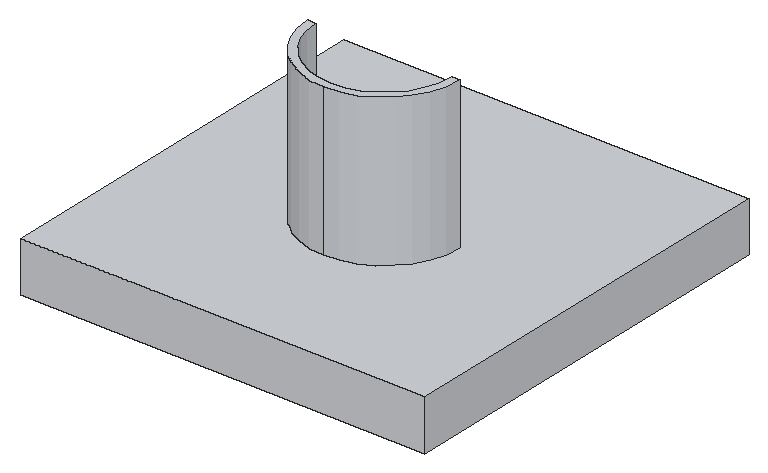
Revit family
Parameters
  Width = 0' - 1 15/16"
  URL = "www.coldspringgranite.com"
  TypicalJointSize = 0' - 0 1/4"
  TopJointOff = no
  TopJoint = if(TopJointOff, 0' 0", TypicalJointSize / 2)  # 0' - 0 1/8"
  StoneOutside = sqrt(OutsideRadius ^ 2 - BackJoint ^ 2)  # 1' - 5.99957"
  StoneMaterial = none
  StoneInside = sqrt(InsideRadius ^ 2 - BackJoint ^ 2)  # 1' - 4.06201"
  Product Name = "Wall Facing Stone Panels - Radial at 180 Degrees"
  Product Documentation Link = "http://www.coldspringgranite.com/BIM_Families/Family_Detail/Wall_Facing_Stone_Panels_-_Radial_at_180_Degrees/"
  PhoneNumber = "800-551-7502"
  OutsideRadius = 1' - 6"
  Notes = ""
  Model = "N/A"
  Manufacturer = "Cold Spring Granite Company"
  Low Emitting Material = yes
  Low Emitting Finish = yes
  Location = "17482 Granite West Road, Cold Spring, MN 56320-4578"
  Length = 2 * OutsideRadius  # 3' - 0"
  LEED Credit = ""
  Keynote = "044256"
  InsideRadius = OutsideRadius - Width  # 1' - 4 1/16"
  Height = 3' - 0"
  Description = "Radial Wall Facing - 180 Degrees"
  Default Elevation = 0' - 0"
  BottomJointOff = no
  BottomJoint = if(BottomJointOff, 0' 0", TypicalJointSize / 2)  # 0' - 0 1/8"
  BackJointOff = no
  BackJoint = if(BackJointOff, 0' 0", TypicalJointSize / 2)  # 0' - 0 1/8"
  Assembly Code = "B2010160"
Reference planes (in)
  plane 1 "Center (Front/Back)": y = 0
  plane 2: z = 0
  plane 3 "Center (Left/Right)": x = 0
  plane 4 "StoneBack": y = -0.125
  plane 5 "StoneLeftBack": x = -16.06201
  plane 6 "LeftBack": x = -16.0625
  plane 7 "StoneLeft": x = -17.99957
  plane 8 "Left": x = -18
  plane 9 "StoneRightBack": x = 16.06201
  plane 10 "RightBack": x = 16.0625
  plane 11 "StoneRight": x = 17.99957
  plane 12 "Right": x = 18
  plane 13 "StoneBottom": z = 0.125
  plane 14 "StoneTop": z = 35.875
  plane 15 "Top": z = 36
  plane 16 "FrontCenter": y = -18
  plane 17 "BackCenter": y = -16.0625
Forms (in)
  Extrusion 1, solid
    sketch origin (0, 0, 0) x (1, 0, 0) y (0, 1, 0)
      loop
        line (-48, 48) -> (-48, -48) -> (48, -48) -> (48, 48) -> (-48, 48)
    from 0 to -12
  Extrusion 2, solid, material <- "StoneMaterial", detail levels coarse
    sketch origin (0, 0, 0) x (1, 0, 0) y (0, 1, 0)
      loop
        arc (-18, 0) -> (0, -18) -> (18, 0) r 18
        line (18, 0) -> (16.0625, 0)
        arc (16.0625, 0) -> (0, -16.0625) -> (-16.0625, 0) r 16.0625
        line (-16.0625, 0) -> (-18, 0)
    from 0 to 36
  Extrusion 3, solid, material <- "StoneMaterial", detail levels medium+fine
    sketch origin (0, 0, 0) x (1, 0, 0) y (0, 1, 0)
      loop
        arc (0, -18) -> (12.68365, -12.77204) -> (17.99957, -0.125) r 18
        line (17.99957, -0.125) -> (16.06201, -0.125)
        arc (16.06201, -0.125) -> (11.31362, -11.40201) -> (0, -16.0625) r 16.0625
        line (0, -16.0625) -> (0, -18)
    from 0.125 to 35.875
  Extrusion 4, solid, material <- "StoneMaterial", detail levels medium+fine
    sketch origin (0, 0, 0) x (1, 0, 0) y (0, 1, 0)
      loop
        line (0, -18) -> (0, -16.0625)
        arc (0, -16.0625) -> (-11.31362, -11.40201) -> (-16.06201, -0.125) r 16.0625
        line (-16.06201, -0.125) -> (-17.99957, -0.125)
        arc (-17.99957, -0.125) -> (-12.68365, -12.77204) -> (0, -18) r 18
    from 0.125 to 35.875
Cuts and joins
  joined: Extrusion 3, Extrusion 4
Lines and regions (in)
  Masking region 1, detail levels medium+fine
    outline origin (0, 0, 0) x (1, 0, 0) y (0, 1, 0)
      loop
        arc (0, -18) -> (12.68365, -12.77204) -> (17.99957, -0.125) r 18
        line (17.99957, -0.125) -> (16.06201, -0.125)
        arc (16.06201, -0.125) -> (11.31362, -11.40201) -> (0, -16.0625) r 16.0625
        line (0, -16.0625) -> (0, -18)
  Masking region 2, detail levels medium+fine
    outline origin (0, 0, 0) x (1, 0, 0) y (0, 1, 0)
      loop
        line (0, -18) -> (0, -16.0625)
        arc (0, -16.0625) -> (-11.31362, -11.40201) -> (-16.06201, -0.125) r 16.0625
        line (-16.06201, -0.125) -> (-17.99957, -0.125)
        arc (-17.99957, -0.125) -> (-12.68365, -12.77204) -> (0, -18) r 18
  Masking region 3, detail levels coarse
    outline origin (0, 0, 0) x (1, 0, 0) y (0, 1, 0)
      loop
        arc (-18, 0) -> (0, -18) -> (18, 0) r 18
        line (18, 0) -> (16.0625, 0)
        arc (16.0625, 0) -> (0, -16.0625) -> (-16.0625, 0) r 16.0625
        line (-16.0625, 0) -> (-18, 0)
  Masking region 4, detail levels coarse
    outline origin (0, -18, 0) x (-1, 0, 0) y (0, 0, 1)
      loop
        line (18, 0) -> (18, 36) -> (-18, 36) -> (-18, 0) -> (18, 0)
  Masking region 5, detail levels medium
    outline origin (0, -18, 0) x (-1, 0, 0) y (0, 0, 1)
      loop
        line (17.99957, 35.875) -> (-17.99957, 35.875) -> (-17.99957, 0.125) -> (17.99957, 0.125) -> (17.99957, 35.875)
  Masking region 6, detail levels fine
    outline origin (0, 0, 0) x (1, 0, 0) y (0, 0, 1)
      loop
        line (-17.99957, 35.875) -> (-17.99957, 0.125) -> (-16.06201, 0.125) -> (-16.06201, 35.875) -> (-17.99957, 35.875)
      loop
        line (16.06201, 35.875) -> (16.06201, 0.125) -> (17.99957, 0.125) -> (17.99957, 35.875) -> (16.06201, 35.875)
  Masking region 7, detail levels coarse
    outline origin (0, 0, 0) x (0, 1, 0) y (0, 0, 1)
      loop
        line (0, 0) -> (0, 36) -> (-18, 36) -> (-18, 0) -> (0, 0)
  Masking region 8, detail levels medium
    outline origin (0, 0, 0) x (0, 1, 0) y (0, 0, 1)
      loop
        line (-0.125, 0.125) -> (-0.125, 35.875) -> (-18, 35.875) -> (-18, 0.125) -> (-0.125, 0.125)
  Masking region 9, detail levels fine
    outline origin (0, 0, 0) x (0, 1, 0) y (0, 0, 1)
      loop
        line (-16.0625, 35.875) -> (-18, 35.875) -> (-18, 0.125) -> (-16.0625, 0.125) -> (-16.0625, 35.875)
  symbolic lines, detail levels coarse
    curve 1: line (16.0625, 0, 36) -> (16.0625, 0, 0)
    curve 2: line (-16.0625, 0, 0) -> (-16.0625, 0, 36)
  symbolic lines, detail levels medium
    curve 3: line (-16.06201, 0, 0.125) -> (-16.06201, 0, 35.875)
    curve 4: line (16.06201, 0, 0.125) -> (16.06201, 0, 35.875)
Dimensions and locks (in)
  "Height": plane 15 "Top" to plane 2
  "BottomJoint": plane 13 "StoneBottom" to plane 2
  "TopJoint": plane 15 "Top" to plane 14 "StoneTop"
  "OutsideRadius": plane 8 "Left" to plane 3 "Center (Left/Right)"
  "OutsideRadius": plane 3 "Center (Left/Right)" to plane 12 "Right"
  "OutsideRadius": plane 16 "FrontCenter" to plane 1 "Center (Front/Back)"
  "InsideRadius": plane 6 "LeftBack" to plane 3 "Center (Left/Right)"
  "StoneOutside": plane 7 "StoneLeft" to plane 3 "Center (Left/Right)"
  "StoneInside": plane 5 "StoneLeftBack" to plane 3 "Center (Left/Right)"
  "StoneOutside": plane 3 "Center (Left/Right)" to plane 11 "StoneRight"
  "InsideRadius": plane 3 "Center (Left/Right)" to plane 10 "RightBack"
  "StoneInside": plane 3 "Center (Left/Right)" to plane 9 "StoneRightBack"
  "InsideRadius": plane 17 "BackCenter" to plane 1 "Center (Front/Back)"
  "BackJoint": plane 4 "StoneBack" to plane 1 "Center (Front/Back)"
  "InsideRadius": radius of Extrusion 2 sketch curve
  "OutsideRadius": radius of Extrusion 2 sketch curve
  "InsideRadius": radius of Masking region 1 sketch curve
  "OutsideRadius": radius of Masking region 1 sketch curve
  "InsideRadius": radius of Masking region 2 sketch curve
  "OutsideRadius": radius of Masking region 2 sketch curve
  "InsideRadius": radius of Masking region 3 sketch curve
  "OutsideRadius": radius of Masking region 3 sketch curve
  "InsideRadius": radius of Extrusion 3 sketch curve
  "OutsideRadius": radius of Extrusion 3 sketch curve
  "InsideRadius": radius of Extrusion 4 sketch curve
  "OutsideRadius": radius of Extrusion 4 sketch curve
  aligned and locked: plane 2 to Extrusion 1
  aligned and locked: level to Extrusion 1
  aligned and locked: plane 1 "Center (Front/Back)" to Extrusion 2 sketch curve
  aligned and locked: plane 6 "LeftBack" to Extrusion 2 sketch curve
  aligned and locked: plane 8 "Left" to Extrusion 2 sketch curve
  aligned and locked: Extrusion 2 sketch curve to plane 1 "Center (Front/Back)"  (x2)
  aligned and locked: Extrusion 2 to plane 2
  aligned and locked: plane 15 "Top" to Extrusion 2
  aligned and locked: plane 3 "Center (Left/Right)" to Masking region 1 sketch curve  (x2)
  aligned and locked: plane 17 "BackCenter" to Masking region 1 sketch curve
  aligned and locked: plane 16 "FrontCenter" to Masking region 1 sketch curve
  aligned: plane 9 "StoneRightBack" to Masking region 1 sketch curve
  aligned: plane 11 "StoneRight" to Masking region 1 sketch curve
  aligned: Masking region 1 sketch curve to plane 4 "StoneBack"
  aligned and locked: Masking region 1 sketch curve to plane 4 "StoneBack"
  aligned and locked: plane 3 "Center (Left/Right)" to Masking region 2 sketch curve  (x2)
  aligned and locked: plane 17 "BackCenter" to Masking region 2 sketch curve
  aligned and locked: plane 16 "FrontCenter" to Masking region 2 sketch curve
  aligned: plane 5 "StoneLeftBack" to Masking region 2 sketch curve
  aligned: plane 7 "StoneLeft" to Masking region 2 sketch curve
  aligned: Masking region 2 sketch curve to plane 4 "StoneBack"
  aligned and locked: Masking region 2 sketch curve to plane 4 "StoneBack"
  aligned and locked: plane 1 "Center (Front/Back)" to Masking region 3 sketch curve
  aligned and locked: plane 6 "LeftBack" to Masking region 3 sketch curve
  aligned and locked: plane 8 "Left" to Masking region 3 sketch curve
  aligned and locked: Masking region 3 sketch curve to plane 1 "Center (Front/Back)"  (x2)
  aligned and locked: plane 3 "Center (Left/Right)" to Extrusion 3 sketch curve  (x2)
  aligned and locked: plane 17 "BackCenter" to Extrusion 3 sketch curve
  aligned and locked: plane 16 "FrontCenter" to Extrusion 3 sketch curve
  aligned: plane 9 "StoneRightBack" to Extrusion 3 sketch curve
  aligned: plane 11 "StoneRight" to Extrusion 3 sketch curve
  aligned: Extrusion 3 sketch curve to plane 4 "StoneBack"
  aligned and locked: plane 14 "StoneTop" to Extrusion 3
  aligned and locked: Extrusion 3 to plane 13 "StoneBottom"
  aligned and locked: Extrusion 3 sketch curve to plane 4 "StoneBack"
  aligned and locked: plane 3 "Center (Left/Right)" to Extrusion 4 sketch curve
  aligned and locked: plane 17 "BackCenter" to Extrusion 4 sketch curve
  aligned and locked: plane 16 "FrontCenter" to Extrusion 4 sketch curve
  aligned and locked: plane 4 "StoneBack" to Extrusion 4 sketch curve
  aligned and locked: plane 5 "StoneLeftBack" to Extrusion 4 sketch curve
  aligned and locked: plane 7 "StoneLeft" to Extrusion 4 sketch curve
  aligned and locked: Extrusion 4 sketch curve to plane 4 "StoneBack"
  aligned and locked: Extrusion 4 to plane 13 "StoneBottom"
  aligned and locked: plane 14 "StoneTop" to Extrusion 4
  aligned and locked: Masking region 4 sketch curve to plane 2
  aligned and locked: Masking region 4 sketch curve to plane 15 "Top"
  aligned and locked: Masking region 4 sketch curve to plane 8 "Left"
  aligned and locked: Masking region 4 sketch curve to plane 12 "Right"
  aligned and locked: plane 2 to curve 2
  aligned and locked: plane 2 to curve 1
  aligned and locked: plane 15 "Top" to curve 1
  aligned and locked: plane 15 "Top" to curve 2
  aligned and locked: plane 6 "LeftBack" to curve 2
  aligned and locked: curve 1 to plane 10 "RightBack"
  aligned and locked: Masking region 5 sketch curve to plane 14 "StoneTop"
  aligned and locked: Masking region 5 sketch curve to plane 13 "StoneBottom"
  aligned and locked: Masking region 5 sketch curve to plane 7 "StoneLeft"
  aligned and locked: Masking region 5 sketch curve to plane 11 "StoneRight"
  aligned and locked: plane 13 "StoneBottom" to curve 3
  aligned and locked: plane 13 "StoneBottom" to curve 4
  aligned and locked: plane 14 "StoneTop" to curve 4
  aligned and locked: plane 14 "StoneTop" to curve 3
  aligned and locked: plane 5 "StoneLeftBack" to curve 3
  aligned and locked: plane 9 "StoneRightBack" to curve 4
  aligned and locked: Masking region 6 sketch curve to plane 7 "StoneLeft"
  aligned and locked: Masking region 6 sketch curve to plane 5 "StoneLeftBack"
  aligned and locked: Masking region 6 sketch curve to plane 9 "StoneRightBack"
  aligned and locked: Masking region 6 sketch curve to plane 11 "StoneRight"
  aligned and locked: Masking region 6 sketch curve to plane 14 "StoneTop"  (x2)
  aligned and locked: Masking region 6 sketch curve to plane 13 "StoneBottom"  (x2)
  aligned and locked: plane 2 to Masking region 7 sketch curve
  aligned and locked: plane 1 "Center (Front/Back)" to Masking region 7 sketch curve
  aligned and locked: plane 16 "FrontCenter" to Masking region 7 sketch curve
  aligned and locked: plane 15 "Top" to Masking region 7 sketch curve
  aligned and locked: plane 13 "StoneBottom" to Masking region 8 sketch curve
  aligned and locked: plane 14 "StoneTop" to Masking region 8 sketch curve
  aligned and locked: plane 16 "FrontCenter" to Masking region 8 sketch curve
  aligned and locked: plane 4 "StoneBack" to Masking region 8 sketch curve
  aligned and locked: plane 14 "StoneTop" to Masking region 9 sketch curve
  aligned and locked: plane 13 "StoneBottom" to Masking region 9 sketch curve
  aligned and locked: plane 16 "FrontCenter" to Masking region 9 sketch curve
  aligned and locked: plane 17 "BackCenter" to Masking region 9 sketch curve
Automatic sketch dimensions
  Extrusion 1 sketch curve to Extrusion 1 sketch curve = 8' - 0"  (x2)
Nested families (in)
  nested 1: "CopyRight" at (0, 0, 0), type "CopyRight"
Definition of nested family "CopyRight"
  Parameters (values of type "CopyRight")
    CopyRight = "Cold Spring Granite Company"
  Reference planes (in)
    plane 1: z = 0
